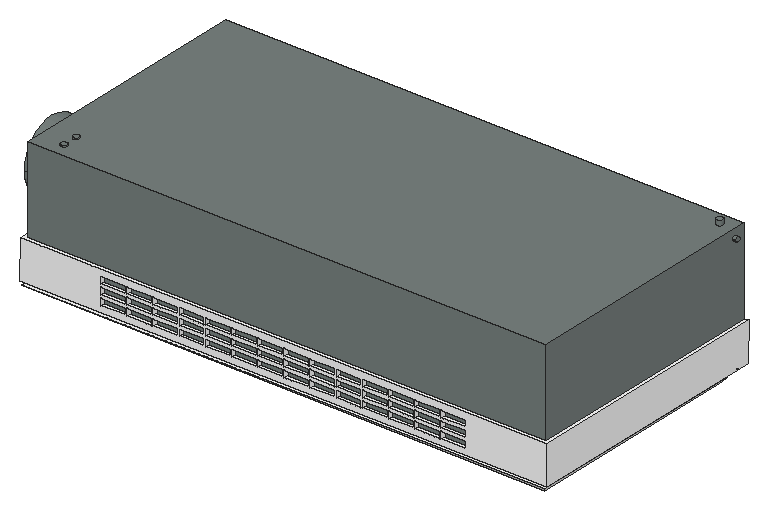
Revit family "AM 800 HBDE", category Mechanical Equipment, Revit 2019
Family settings
  Round Connector Dimension = Use Diameter
  Part Type = Normal
  OmniClass Number = 23.75.00.00
  OmniClass Title = Climate Control (HVAC)
  Work Plane-Based = No
  Always vertical = Yes
  Cut with Voids When Loaded = No
  Shared = No
  Room Calculation Point = No
Parameters
  Weight (Standard Unit) = 108  # constant formula
  Water Heater Surface Return = 10 mm  # constant formula
  Water Heater Surface IN = 10 mm  # constant formula
  URL = "www.airmaster-as.com"
  Total Width = 1910 mm  # constant formula
  Total Hight = 474 mm  # constant formula
  Top Panel [instance] = no
  T-C Duct Exhaust = 252 mm  # constant formula
  T-C Duct Supply = 252 mm  # constant formula
  Suply Air In = 315 mm  # constant formula
  Return Air Duct = 250 mm  # constant formula
  R-C Duct Exhaust = 222 mm  # constant formula
  Phase 1 - Max Power Consumption = "4035 W"
  Phase 1 - Max Current = "12 A"
  Nominal current, electrical preheating surface = "6,5 A"
  Nominal current, electrical comfort heating surface = "4,4 A"
  Nominal current, air handling unit = "1,1 A"
  Network Conection = "AWG 24 CAT 5e STP"
  Model = "AM 800 HBDE"
  Middle Panel [instance] = no
  Max. flow rate 35 dB(A) with ePM10 80% filters = 580.00 m³  # constant formula
  Max. flow rate 35 dB(A) with ePM10 55% filters = 653.00 m³  # constant formula
  Max. flow rate 35 dB(A) with ePM10 50% filters = 725.00 m³  # constant formula
  Max. flow rate 30 dB(A) with ePM10 80% filters = 520.00 m³  # constant formula
  Max. flow rate 30 dB(A) with ePM10 55% filters = 585.00 m³  # constant formula
  Max. flow rate 30 dB(A) with ePM10 50% filters = 650.00 m³  # constant formula
  Manufacturer = "Airmaster A/S"
  Maintenance [instance] = no
  L-C Duct ESupply = 255 mm  # constant formula
  Exhaust Air = 315 mm  # constant formula
  Total Depth = 916 mm  # constant formula
  Electrical connection = "1 ~ 230 V / N / PE / 50 Hz"
  Drawn By = "LSB"
  Condensate = 9 mm  # constant formula
  BMS Panel = "(PTS) 2x2x0,6"
  BMS Out = "(PTS) 2x2x0,6"
  BMS IN = "(PTS) 2x2x0,6"
  Airflow area [instance] = no
  Air flow area [instance] = Airflow
Reference planes
  plane 1 "Center (Front/Back)": y = 0
  plane 2: z = 0
  plane 3 "Center (Left/Right)": x = 0
  plane 4 "Center L/S": y = -916
  plane 5 "Center L/T": x = -955
  plane 6 "Center L/U": x = 955
  plane 7 "TOP": z = 474
  plane 8 "Center L/V": x = -940
  plane 9 "Center L/W": y = -901
  plane 10 "Center L/X": x = 940
  plane 11 "Panel Buttom": z = 23
  plane 12 "Panel Top": z = 164.5
  plane 13 "Hatch": z = 14.5
  plane 14 "Center L/Z": z = 173.414
  plane 15 "Center L/AA": z = 314.914
  plane 16 "Center L/BB": z = 324.414
  plane 17 "Center L/CC": z = 465.914
Forms (mm)
  Extrusion 1, solid, material "AM Grey"
    sketch origin (0, 0, 0) x (1, 0, 0) y (0, 1, 0)
      loop
        line (-940, 0) -> (-940, -901) -> (940, -901) -> (940, 0) -> (-940, 0)
    from 14.5 to 474
  Extrusion 2, solid, material "AM White"
    sketch origin (794.5, -1524, 23) x (0, -1, 0) y (-1, 0, 0)
      loop
        line (-1524, 1749.5) -> (-1524, 1734.5) -> (-623, 1734.5) -> (-623, -145.5) -> (-1524, -145.5) -> (-1524, -160.5) -> (-608, -160.5) -> (-608, 1749.5) -> (-1524, 1749.5)
    from 0 to -141.5
  Blend 3, solid, material "AM White"
    base sketch origin (-790.646, -1524, 14.5) x (0, -1, 0) y (1, 0, 0)
      loop
        line (-608, -157.387) -> (-608, 1738.657) -> (-1435.677, 1738.657) -> (-1435.677, -157.387) -> (-608, -157.387)
    top sketch origin (-790.646, -1524, 14.5) x (0, -1, 0) y (1, 0, 0)
      loop
        line (-623, -146.037) -> (-623, 1727.646) -> (-1424.161, 1727.646) -> (-1424.161, -146.037) -> (-623, -146.037)
    from 0 to -14.5
  Extrusion 4, void
    sketch origin (1055.25, -916, 23) x (1, 0, 0) y (0, 0, -1)
      loop
        line (-1717.75, -118) -> (-1627.75, -118) -> (-1627.75, -93) -> (-1717.75, -93) -> (-1717.75, -118)
      loop
        line (-1717.75, -83) -> (-1627.75, -83) -> (-1627.75, -58) -> (-1717.75, -58) -> (-1717.75, -83)
      loop
        line (-1717.75, -48) -> (-1627.75, -48) -> (-1627.75, -23) -> (-1717.75, -23) -> (-1717.75, -48)
      loop
        line (-1622.75, -118) -> (-1532.75, -118) -> (-1532.75, -93) -> (-1622.75, -93) -> (-1622.75, -118)
      loop
        line (-1622.75, -83) -> (-1532.75, -83) -> (-1532.75, -58) -> (-1622.75, -58) -> (-1622.75, -83)
      loop
        line (-1622.75, -48) -> (-1532.75, -48) -> (-1532.75, -23) -> (-1622.75, -23) -> (-1622.75, -48)
      loop
        line (-1527.75, -118) -> (-1437.75, -118) -> (-1437.75, -93) -> (-1527.75, -93) -> (-1527.75, -118)
      loop
        line (-1527.75, -83) -> (-1437.75, -83) -> (-1437.75, -58) -> (-1527.75, -58) -> (-1527.75, -83)
      loop
        line (-1527.75, -48) -> (-1437.75, -48) -> (-1437.75, -23) -> (-1527.75, -23) -> (-1527.75, -48)
      loop
        line (-1432.75, -118) -> (-1342.75, -118) -> (-1342.75, -93) -> (-1432.75, -93) -> (-1432.75, -118)
      loop
        line (-1432.75, -83) -> (-1342.75, -83) -> (-1342.75, -58) -> (-1432.75, -58) -> (-1432.75, -83)
      loop
        line (-1432.75, -48) -> (-1342.75, -48) -> (-1342.75, -23) -> (-1432.75, -23) -> (-1432.75, -48)
      loop
        line (-1337.75, -118) -> (-1247.75, -118) -> (-1247.75, -93) -> (-1337.75, -93) -> (-1337.75, -118)
      loop
        line (-1337.75, -83) -> (-1247.75, -83) -> (-1247.75, -58) -> (-1337.75, -58) -> (-1337.75, -83)
      loop
        line (-1337.75, -48) -> (-1247.75, -48) -> (-1247.75, -23) -> (-1337.75, -23) -> (-1337.75, -48)
      loop
        line (-1242.75, -118) -> (-1152.75, -118) -> (-1152.75, -93) -> (-1242.75, -93) -> (-1242.75, -118)
      loop
        line (-1242.75, -83) -> (-1152.75, -83) -> (-1152.75, -58) -> (-1242.75, -58) -> (-1242.75, -83)
      loop
        line (-1242.75, -48) -> (-1152.75, -48) -> (-1152.75, -23) -> (-1242.75, -23) -> (-1242.75, -48)
      loop
        line (-1147.75, -118) -> (-1057.75, -118) -> (-1057.75, -93) -> (-1147.75, -93) -> (-1147.75, -118)
      loop
        line (-1147.75, -83) -> (-1057.75, -83) -> (-1057.75, -58) -> (-1147.75, -58) -> (-1147.75, -83)
      loop
        line (-1147.75, -48) -> (-1057.75, -48) -> (-1057.75, -23) -> (-1147.75, -23) -> (-1147.75, -48)
      loop
        line (-1052.75, -118) -> (-962.75, -118) -> (-962.75, -93) -> (-1052.75, -93) -> (-1052.75, -118)
      loop
        line (-1052.75, -83) -> (-962.75, -83) -> (-962.75, -58) -> (-1052.75, -58) -> (-1052.75, -83)
      loop
        line (-1052.75, -48) -> (-962.75, -48) -> (-962.75, -23) -> (-1052.75, -23) -> (-1052.75, -48)
      loop
        line (-957.75, -118) -> (-867.75, -118) -> (-867.75, -93) -> (-957.75, -93) -> (-957.75, -118)
      loop
        line (-957.75, -83) -> (-867.75, -83) -> (-867.75, -58) -> (-957.75, -58) -> (-957.75, -83)
      loop
        line (-957.75, -48) -> (-867.75, -48) -> (-867.75, -23) -> (-957.75, -23) -> (-957.75, -48)
      loop
        line (-862.75, -118) -> (-772.75, -118) -> (-772.75, -93) -> (-862.75, -93) -> (-862.75, -118)
      loop
        line (-862.75, -83) -> (-772.75, -83) -> (-772.75, -58) -> (-862.75, -58) -> (-862.75, -83)
      loop
        line (-862.75, -48) -> (-772.75, -48) -> (-772.75, -23) -> (-862.75, -23) -> (-862.75, -48)
      loop
        line (-767.75, -118) -> (-677.75, -118) -> (-677.75, -93) -> (-767.75, -93) -> (-767.75, -118)
      loop
        line (-767.75, -83) -> (-677.75, -83) -> (-677.75, -58) -> (-767.75, -58) -> (-767.75, -83)
      loop
        line (-767.75, -48) -> (-677.75, -48) -> (-677.75, -23) -> (-767.75, -23) -> (-767.75, -48)
      loop
        line (-672.75, -118) -> (-582.75, -118) -> (-582.75, -93) -> (-672.75, -93) -> (-672.75, -118)
      loop
        line (-672.75, -83) -> (-582.75, -83) -> (-582.75, -58) -> (-672.75, -58) -> (-672.75, -83)
      loop
        line (-672.75, -48) -> (-582.75, -48) -> (-582.75, -23) -> (-672.75, -23) -> (-672.75, -48)
      loop
        line (-577.75, -118) -> (-487.75, -118) -> (-487.75, -93) -> (-577.75, -93) -> (-577.75, -118)
      loop
        line (-577.75, -83) -> (-487.75, -83) -> (-487.75, -58) -> (-577.75, -58) -> (-577.75, -83)
      loop
        line (-577.75, -48) -> (-487.75, -48) -> (-487.75, -23) -> (-577.75, -23) -> (-577.75, -48)
      loop
        line (-482.75, -118) -> (-392.75, -118) -> (-392.75, -93) -> (-482.75, -93) -> (-482.75, -118)
      loop
        line (-482.75, -83) -> (-392.75, -83) -> (-392.75, -58) -> (-482.75, -58) -> (-482.75, -83)
      loop
        line (-482.75, -48) -> (-392.75, -48) -> (-392.75, -23) -> (-482.75, -23) -> (-482.75, -48)
    from 0 to 15
  Extrusion 5, solid, material "AM Grey"
    sketch origin (940, 0, 0) x (0, -1, 0) y (0, 0, -1)
      loop
        circle (48.75, -36.414) r 8
    from 0 to 15
  Extrusion 6, solid, material "AM Grey"
    sketch origin (-940, -878.072, 0.549) x (0, 1, 0) y (0, 0, -1)
      loop
        arc (97.447, -426.641) -> (85.619, -415.215) -> (74.05, -426.903) r 11.7
        arc (74.05, -426.903) -> (85.881, -438.614) -> (97.447, -426.641) r 11.7
    from 0 to 2
  Extrusion 7, solid, material "AM Grey"
    sketch origin (-940, -892.224, 0.658) x (0, 1, 0) y (0, 0, -1)
      loop
        arc (56.677, -428.239) -> (46.918, -415.112) -> (33.131, -423.914) r 12
        arc (33.131, -423.914) -> (42.582, -438.717) -> (56.677, -428.239) r 12
    from 0 to 2
  Extrusion 8, solid, material "AM Grey"
    sketch origin (-940, 0, 0) x (1, 0, 0) y (0, 0, -1)
      loop
        circle (1673, -222) r 157.5
    from 0 to 55
  Extrusion 9, solid, material "AM Grey"
    sketch origin (-785, 0, 0) x (1, 0, 0) y (0, 0, -1)
      loop
        circle (85, -222) r 157.5
    from 0 to 55
  Extrusion 10, solid, material "AM Grey"
    sketch origin (-1697.474, 21.256, 474) x (1, 0, 0) y (0, 1, 0)
      loop
        arc (848.662, -826.53) -> (848, -804.55) -> (847.338, -826.53) r 11
        line (847.338, -826.53) -> (848.662, -826.53)
    from 0 to 2
  Extrusion 11, solid, material "AM Grey"
    sketch origin (-1697.474, 6.881, 474) x (1, 0, 0) y (0, 1, 0)
      loop
        arc (848.662, -867.28) -> (848, -845.3) -> (847.338, -867.28) r 11
        line (847.338, -867.28) -> (848.662, -867.28)
    from 0 to 2
  Extrusion 12, solid, material "Maintenece", visible <- "Maintenance"
    sketch origin (-790.646, -1524, 0) x (1, 0, 0) y (0, -1, 0)
      loop
        line (-164.354, -1524) -> (1745.646, -1524) -> (1745.646, -608) -> (-164.354, -608) -> (-164.354, -1524)
    from 0 to 1200
  Extrusion 13, solid, material "AM Grey"
    sketch origin (0, 0, 474) x (1, 0, 0) y (0, 1, 0)
      loop
        arc (880.766, -33.956) -> (876.81, -38.388) -> (875.622, -44.209) r 11.4
        arc (875.622, -44.209) -> (897.19, -48.612) -> (880.766, -33.956) r 11.4
    from 0 to 15
  Extrusion 14, solid, material "AM Grey"
    sketch origin (940, 0, 0) x (0, -1, 0) y (0, 0, -1)
      loop
        circle (47.646, -447.784) r 8
    from 0 to 15
  Extrusion 15, solid, material "AM Grey"
    sketch origin (-940, 0, 0) x (1, 0, 0) y (0, 0, -1)
      loop
        circle (1813, -35) r 12
    from 0 to 15
  Extrusion 16, solid, material "AM White", visible <- "Middle Panel"
    sketch origin (794.5, -1524, 173.414) x (0, -1, 0) y (-1, 0, 0)
      loop
        line (-623, 1749.5) -> (-623, 1734.5) -> (-623, -145.5) -> (-1524, -145.5) -> (-1524, -160.5) -> (-608, -160.5) -> (-608, 1749.5) -> (-623, 1749.5)
    from 0 to -141.5
  Extrusion 17, solid, material "AM White", visible <- "Top Panel"
    sketch origin (794.5, -1524, 324.414) x (0, -1, 0) y (-1, 0, 0)
      loop
        line (-623, 1749.5) -> (-623, 1734.5) -> (-623, -145.5) -> (-1524, -145.5) -> (-1524, -160.5) -> (-608, -160.5) -> (-608, 1749.5) -> (-623, 1749.5)
    from 0 to -141.5
  Extrusion 18, solid, material "AM White"
    sketch origin (0, 0, 14.5) x (0, 1, 0) y (1, 0, 0)
      loop
        line (0, 940) -> (-88.323, 940) -> (-88.323, -940) -> (0, -940) -> (0, 940)
    from 0 to 3
  Extrusion 19, solid, material "AM Grey"
    sketch origin (-955, 0, 23) x (0, -1, 0) y (0, 0, 1)
      loop
        circle (699, 299) r 125
    from 0 to 58
Cuts and joins
  Extrusion 4 cuts Extrusion 1
  Extrusion 4 cuts Extrusion 2
Dimensions and locks
  "Total Depth": plane 4 "Center L/S" to plane 1 "Center (Front/Back)"
  equal spacing: plane 5 "Center L/T", plane 3 "Center (Left/Right)", plane 6 "Center L/U"
  "Total Width": plane 5 "Center L/T" to plane 6 "Center L/U"
  "Total Hight": plane 7 "TOP" to level
  locked: plane 10 "Center L/X" to plane 6 "Center L/U" at 15
  locked: plane 4 "Center L/S" to plane 9 "Center L/W" at 15
  locked: plane 5 "Center L/T" to plane 8 "Center L/V" at 15
  Extrusion 1 to Blend 3 sketch curve = 99.839 mm
  "R-C Duct Exhaust": plane 6 "Center L/U" to Extrusion 8 sketch curve
  "T-C Duct Exhaust": Extrusion 8 sketch curve to cut or joined group of Extrusion 1, Extrusion 4
  "T-C Duct Supply": Extrusion 9 sketch curve to plane 7 "TOP"
  "L-C Duct ESupply": Extrusion 9 sketch curve to plane 5 "Center L/T"
  nested 2 to cut or joined group of Extrusion 2, Extrusion 4 = 500 mm
  Extrusion 15 sketch curve to plane 5 "Center L/T" = 1828 mm
  Extrusion 15 sketch curve to plane 7 "TOP" = 439 mm
  plane 1 "Center (Front/Back)" to Extrusion 19 sketch curve = 699 mm
  plane 7 "TOP" to Extrusion 19 sketch curve = 152 mm
  "Return Air Duct": diameter of Extrusion 19 sketch curve
  aligned and locked: level to plane 2
  aligned and locked: plane 1 "Center (Front/Back)" to Extrusion 1 sketch curve
  aligned and locked: Extrusion 1 sketch curve to plane 8 "Center L/V"
  aligned and locked: Extrusion 1 sketch curve to plane 9 "Center L/W"
  aligned and locked: Extrusion 1 sketch curve to plane 10 "Center L/X"
  aligned and locked: plane 7 "TOP" to Extrusion 1
  aligned and locked: plane 5 "Center L/T" to Extrusion 2 sketch curve
  aligned and locked: plane 4 "Center L/S" to Extrusion 2 sketch curve
  aligned and locked: plane 6 "Center L/U" to Extrusion 2 sketch curve
  aligned and locked: Extrusion 2 sketch curve to Extrusion 1  (x3)
  aligned and locked: plane 1 "Center (Front/Back)" to Extrusion 2 sketch curve
  aligned and locked: Extrusion 2 to plane 12 "Panel Top"
  aligned and locked: Blend 3 to plane 2
  aligned and locked: Extrusion 1 to plane 13 "Hatch"
  aligned and locked: Extrusion 12 sketch curve to cut or joined group of Extrusion 2, Extrusion 4  (x4)
  aligned and locked: Extrusion 16 to plane 15 "Center L/AA"
  aligned and locked: Extrusion 17 to plane 17 "Center L/CC"
Automatic sketch dimensions
  plane 1 "Center (Front/Back)" to Extrusion 2 sketch curve = 0 mm
  plane 1 "Center (Front/Back)" to Blend 3 sketch curve = 88.323 mm
  plane 4 "Center L/S" to Blend 3 sketch curve = 0 mm
  plane 5 "Center L/T" to Blend 3 sketch curve = 6.967 mm
  Blend 3 sketch curve to plane 6 "Center L/U" = 6.989 mm
  Blend 3 sketch curve to plane 9 "Center L/W" = 0 mm
  plane 8 "Center L/V" to Blend 3 sketch curve = 3.316 mm
  Blend 3 sketch curve to plane 10 "Center L/X" = 3 mm
  Extrusion 4 sketch curve to Extrusion 2 = 23.5 mm  (x2)
  Extrusion 4 sketch curve to Extrusion 2 = 292.5 mm
  Extrusion 4 sketch curve to Extrusion 4 sketch curve = 0 mm  (x88)
  Extrusion 4 sketch curve to Extrusion 4 sketch curve = 90 mm  (x14)
  Extrusion 4 sketch curve to Extrusion 4 sketch curve = 5 mm  (x39)
  Extrusion 4 sketch curve to Extrusion 4 sketch curve = 25 mm  (x10)
  Extrusion 4 sketch curve to Extrusion 4 sketch curve = 10 mm  (x9)
  Extrusion 4 sketch curve to Extrusion 2 = 23 mm  (x5)
  Extrusion 1 to Extrusion 5 sketch curve = 21.914 mm
  Extrusion 1 to Extrusion 5 sketch curve = 48.75 mm
  Extrusion 6 sketch curve to Extrusion 6 sketch curve = 0 mm  (x2)
  Extrusion 1 to Extrusion 6 sketch curve = 46.537 mm
  Extrusion 6 sketch curve to Extrusion 1 = 108.678 mm
  Extrusion 6 sketch curve to Extrusion 6 sketch curve = 11.7 mm
  Extrusion 6 sketch curve to Extrusion 6 sketch curve = 11.697 mm
  Extrusion 6 sketch curve to Extrusion 6 sketch curve = 0.011 mm
  Extrusion 7 sketch curve to Extrusion 7 sketch curve = 0 mm  (x2)
  Extrusion 7 sketch curve to Extrusion 1 = 53.526 mm
  Extrusion 1 to Extrusion 7 sketch curve = 46.428 mm
  Extrusion 7 sketch curve to Extrusion 7 sketch curve = 11.619 mm
  Extrusion 7 sketch curve to Extrusion 7 sketch curve = 11.927 mm
  Extrusion 7 sketch curve to Extrusion 7 sketch curve = 1.325 mm
  Extrusion 10 sketch curve to Extrusion 1 = 89.864 mm
  Extrusion 10 sketch curve to Extrusion 10 sketch curve = 0.662 mm
  Extrusion 10 sketch curve to Extrusion 1 = 95.726 mm
  Extrusion 10 sketch curve to Extrusion 10 sketch curve = 10.98 mm
  Extrusion 11 sketch curve to Extrusion 1 = 89.864 mm
  Extrusion 11 sketch curve to Extrusion 11 sketch curve = 0.662 mm
  Extrusion 11 sketch curve to Extrusion 1 = 40.601 mm
  Extrusion 11 sketch curve to Extrusion 11 sketch curve = 10.98 mm
  Extrusion 13 sketch curve to Extrusion 13 sketch curve = 0 mm  (x2)
  Extrusion 13 sketch curve to Extrusion 1 = 53 mm
  Extrusion 13 sketch curve to Extrusion 1 = 43.5 mm
  Extrusion 13 sketch curve to Extrusion 13 sketch curve = 6.234 mm
  Extrusion 13 sketch curve to Extrusion 13 sketch curve = 11.378 mm
  Extrusion 13 sketch curve to Extrusion 13 sketch curve = 0.709 mm
  Extrusion 1 to Extrusion 14 sketch curve = 47.646 mm
  Extrusion 1 to Extrusion 14 sketch curve = 26.216 mm
  plane 1 "Center (Front/Back)" to Extrusion 16 sketch curve = 901 mm
  plane 1 "Center (Front/Back)" to Extrusion 16 sketch curve = 0 mm
  Extrusion 16 sketch curve to plane 8 "Center L/V" = 0 mm  (x2)
  Extrusion 16 sketch curve to plane 9 "Center L/W" = 0 mm
  plane 4 "Center L/S" to Extrusion 16 sketch curve = 0 mm
  Extrusion 16 sketch curve to plane 5 "Center L/T" = 0 mm
  Extrusion 16 sketch curve to plane 10 "Center L/X" = 0 mm
  Extrusion 16 sketch curve to plane 6 "Center L/U" = 0 mm
  plane 1 "Center (Front/Back)" to Extrusion 17 sketch curve = 901 mm
  plane 1 "Center (Front/Back)" to Extrusion 17 sketch curve = 0 mm
  Extrusion 17 sketch curve to plane 8 "Center L/V" = 0 mm  (x2)
  Extrusion 17 sketch curve to plane 9 "Center L/W" = 0 mm
  plane 4 "Center L/S" to Extrusion 17 sketch curve = 0 mm
  Extrusion 17 sketch curve to plane 5 "Center L/T" = 0 mm
  Extrusion 17 sketch curve to plane 10 "Center L/X" = 0 mm
  Extrusion 17 sketch curve to plane 6 "Center L/U" = 0 mm
  Extrusion 18 sketch curve to Extrusion 1 = 0 mm  (x2)
  Extrusion 1 to Extrusion 18 sketch curve = 0 mm
  Extrusion 1 to Extrusion 18 sketch curve = 88.323 mm
  radius of Extrusion 5 sketch curve = 8 mm
  radius of Extrusion 8 sketch curve = 157.5 mm
  radius of Extrusion 9 sketch curve = 157.5 mm
  radius of Extrusion 14 sketch curve = 8 mm
  radius of Extrusion 15 sketch curve = 12 mm
Nested families
  nested 1: "Model Label 2019" at (0, -361.924, 0), Label <- "Model", type "Model Label 2019"
    with Label "AM 800 HBDE"
  nested 2: "indblæssymbol" at (11.742, -966, 0) x (0, -1, 0) z (0, 0, 1), type "indblæssymbol"
    with dX_ 609 mm, dX 609 mm, ang2D 0.00°
Connectors
  piping at (-942, -847.32, 426.735), diameter 10, driven by "Water Heater Surface IN"
    settings: on Extrusion 7, index 6, connector inside diameter 609.6 mm, connector length 0 mm, flow factor 0, pipe flow 0.0 L/s, pressure drop 0.0 Pa, fitting loss kfactor 0, connector angle 0.00°, fixture units 0, engagement length 0 mm, angle of deflection 0.00°, flow configuration 0, flow direction 1, fitting loss method 0, system type 7, joint type 0, gender type 0, connector reference index -1, connector utility 0, adjustable connector no, is connector primary yes, connector description ""
  piping at (-942, -792.324, 427.321), diameter 10, driven by "Water Heater Surface Return"
    settings: on Extrusion 6, index 7, connector inside diameter 609.6 mm, connector length 0 mm, flow factor 0, pipe flow 0.0 L/s, pressure drop 0.0 Pa, fitting loss kfactor 0, connector angle 0.00°, fixture units 0, engagement length 0 mm, angle of deflection 0.00°, flow configuration 0, flow direction 2, fitting loss method 0, system type 8, joint type 0, gender type 0, connector reference index -1, connector utility 0, adjustable connector no, is connector primary no, connector description ""
  piping at (-849.474, -860.399, 476), diameter 10, driven by "Water Heater Surface IN"
    settings: on Extrusion 11, index 11, connector inside diameter 609.6 mm, connector length 0 mm, flow factor 0, pipe flow 0.0 L/s, pressure drop 0.0 Pa, fitting loss kfactor 0, connector angle 0.00°, fixture units 0, engagement length 0 mm, angle of deflection 0.00°, flow configuration 0, flow direction 0, fitting loss method 0, system type 19, joint type 0, gender type 0, connector reference index -1, connector utility 0, adjustable connector no, is connector primary no, connector description ""
  piping at (-849.474, -805.274, 476), diameter 10, driven by "Water Heater Surface Return"
    settings: on Extrusion 10, index 12, connector inside diameter 609.6 mm, connector length 0 mm, flow factor 0, pipe flow 0.0 L/s, pressure drop 0.0 Pa, fitting loss kfactor 0, connector angle 0.00°, fixture units 0, engagement length 0 mm, angle of deflection 0.00°, flow configuration 0, flow direction 0, fitting loss method 0, system type 19, joint type 0, gender type 0, connector reference index -1, connector utility 0, adjustable connector no, is connector primary no, connector description ""
  electrical at (955, -47.646, 447.784)
    settings: on Extrusion 14, index 13, voltage 230 V, apparent load 0 VA, apparent load phase1 0 VA, apparent load phase2 0 VA, apparent load phase3 0 VA, power factor 0.56, load classification "Other", number of poles 1, system type 30, power factor state 1, is connector primary yes, connector utility no, sub classification motor no, connector description ""
  electrical at (878.194, -39.082, 489)
    settings: on Extrusion 13, index 14, voltage 230 V, apparent load 0 VA, apparent load phase1 0 VA, apparent load phase2 0 VA, apparent load phase3 0 VA, power factor 0.56, load classification "Other", number of poles 1, system type 30, power factor state 1, is connector primary no, connector utility no, sub classification motor no, connector description ""
  piping at (955, -48.75, 36.414), diameter 9, driven by "Condensate"
    settings: on Extrusion 5, index 15, connector inside diameter 609.6 mm, connector length 0 mm, flow factor 0, pipe flow 0.0 L/s, pressure drop 0.0 Pa, fitting loss kfactor 0, connector angle 0.00°, fixture units 0, engagement length 0 mm, angle of deflection 0.00°, flow configuration 0, flow direction 0, fitting loss method 0, system type 16, joint type 0, gender type 0, connector reference index -1, connector utility 0, adjustable connector no, is connector primary no, connector description ""
  piping at (873, 15, 35), diameter 9, driven by "Condensate"
    settings: on Extrusion 15, index 16, connector inside diameter 609.6 mm, connector length 0 mm, flow factor 0, pipe flow 0.0 L/s, pressure drop 0.0 Pa, fitting loss kfactor 0, connector angle 0.00°, fixture units 0, engagement length 0 mm, angle of deflection 0.00°, flow configuration 0, flow direction 0, fitting loss method 0, system type 16, joint type 0, gender type 0, connector reference index -1, connector utility 0, adjustable connector no, is connector primary no, connector description ""
  hvac at (-955, -699, 322), driven by "Return Air Duct"
    settings: on Extrusion 19, index 17, duct flow 0.0 L/s, flow factor 0, pres drop 0.0 Pa, loss coef 0, conn angle 0.00°, conn width 304.8 mm, conn height 304.8 mm, conn diameter 250 mm, duct sys type 2, conn prof type 0, flow config 0, flow direction 1, loss method 0, conn ref index -1, conn util no, is conn primary yes, conn desc ""
  hvac at (-700, 0, 222), driven by "Suply Air In"
    settings: on Extrusion 9, index 18, duct flow 0.0 L/s, flow factor 0, pres drop 0.0 Pa, loss coef 0, conn angle 0.00°, conn width 304.8 mm, conn height 304.8 mm, conn diameter 315 mm, duct sys type 1, conn prof type 0, flow config 0, flow direction 1, loss method 0, conn ref index -1, conn util no, is conn primary no, conn desc ""
  hvac at (733, 0, 222), driven by "Exhaust Air"
    settings: on Extrusion 8, index 19, duct flow 0.0 L/s, flow factor 0, pres drop 0.0 Pa, loss coef 0, conn angle 0.00°, conn width 304.8 mm, conn height 304.8 mm, conn diameter 315 mm, duct sys type 3, conn prof type 0, flow config 0, flow direction 2, loss method 0, conn ref index -1, conn util no, is conn primary no, conn desc ""
Definition of nested family "Model Label 2019"
  Parameters (values of type "Model Label 2019")
    Label [instance] = ""
  Reference planes
    plane 1: y = 0
    plane 2: x = 0
  Text (mm)
    label "Label" at (-0.131, 0.049, 0), shows "Label"
Definition of nested family "indblæssymbol"
  Parameters (values of type "indblæssymbol")
    dX_ [instance] = if(dX = 0 mm, 1 mm, dX)  # 609 mm
    dX [instance] = 609 mm
    ang2D [instance] = 0.00°
    Type Comments = "DO NOT CHANGE dX value from 608 mm ( 2 ft )"
    Afstand pil = 50 mm
  Reference planes
    plane 1 "Center (Front/Back)": y = 0
    plane 2: z = 0
    plane 3 "Center (Left/Right)": x = 0
  Lines and regions (mm)
    Filled region 1, type "Concrete", in view "Ref. Level"
      outline origin (50.005, 0, 0) x (1, 0, 0) y (0, 1, 0)
        loop
          line (399.995, 0.414) -> (301.442, 17.365) -> (301.588, -17.365) -> (399.995, 0.414)
    reference lines, in view "Ref. Level"
      curve 1: line (50, 134.129, 0) -> (50, -145.871, 0)
    detail lines, in view "Ref. Level"
      curve 2: line (351.52, 0, 0) -> (50, 0, 0)
  Dimensions and locks
    "Afstand pil": plane 3 "Center (Left/Right)" to curve 1
    curve 1 to Filled region 1 = 400 mm
  Automatic sketch dimensions
    Filled region 1 sketch curve to plane 1 "Center (Front/Back)" = 0.414 mm
    plane 3 "Center (Left/Right)" to Filled region 1 sketch curve = 450 mm
    plane 1 "Center (Front/Back)" to Filled region 1 sketch curve = 17.365 mm
    Filled region 1 sketch curve to Filled region 1 sketch curve = 98.407 mm
    Filled region 1 sketch curve to plane 1 "Center (Front/Back)" = 17.365 mm
    Filled region 1 sketch curve to Filled region 1 sketch curve = 0.146 mm
    plane 1 "Center (Front/Back)" to curve 2 = 0 mm
    plane 3 "Center (Left/Right)" to curve 2 = 50 mm
    curve 2 to curve 2 = 301.52 mm
    plane 1 "Center (Front/Back)" to curve 1 = 145.871 mm
    curve 1 to plane 1 "Center (Front/Back)" = 134.129 mm
